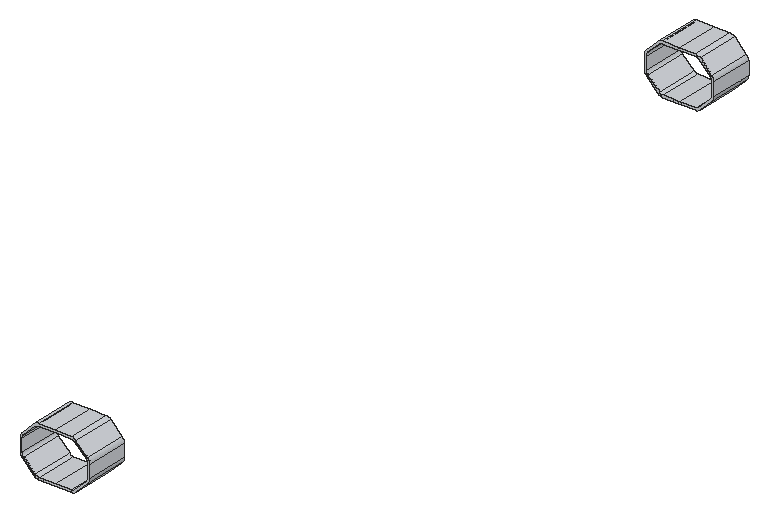
Revit family "L-trade II easy lock", category Обобщенные модели, Revit 2017
Family settings
  Может служить основой для арматурных стержней = Нет
  Размер круглого соединителя = Использовать диаметр
  Тип детали = Нормальный
  На основе рабочей плоскости = Нет
  Всегда вертикально = Да
  При загрузке вырезать с полостями = Нет
  Общий = Нет
  Точка расчета площади = Нет
Parameters
  Изготовитель = "LEDEL"
  Длина светильника = 500 mm
  Длина замка [instance] = Длина светильника + 58 mm  # 558 mm
  Артикул = ""
Reference planes
  plane 1 "По центру (Вперед/Назад)": y = 0
  plane 2: z = 0
  plane 3 "По центру (Влево/Вправо)": x = 0
Forms (mm)
  Extrusion 1, solid
    sketch origin (0, 0, 0) x (1, 0, 0) y (0, 0, 1)
      loop
        line (-0.013, 25) -> (-11.117, 25)
        arc (-11.117, 25) -> (-12.838, 24.658) -> (-14.296, 23.683) r 4.495
        line (-14.296, 23.683) -> (-22.149, 15.831)
        arc (-22.149, 15.831) -> (-23.233, 14.208) -> (-23.613, 12.295) r 5
        line (-23.613, 12.295) -> (-23.613, 3.705)
        arc (-23.613, 3.705) -> (-23.233, 1.792) -> (-22.149, 0.169) r 5
        line (-22.149, 0.169) -> (-14.444, -7.536)
        arc (-14.444, -7.536) -> (-12.822, -8.619) -> (-10.908, -9) r 5
        line (-10.908, -9) -> (-0.013, -9) -> (10.882, -9)
        arc (10.882, -9) -> (12.795, -8.619) -> (14.417, -7.536) r 5
        line (14.417, -7.536) -> (22.122, 0.169)
        arc (22.122, 0.169) -> (23.206, 1.792) -> (23.587, 3.705) r 5
        line (23.587, 3.705) -> (23.587, 12.295)
        arc (23.587, 12.295) -> (23.206, 14.208) -> (22.122, 15.831) r 5
        line (22.122, 15.831) -> (14.269, 23.683)
        arc (14.269, 23.683) -> (12.811, 24.658) -> (11.091, 25) r 4.495
        line (11.091, 25) -> (-0.013, 25)
      loop
        line (-0.013, -7.7) -> (10.882, -7.7)
        arc (10.882, -7.7) -> (12.298, -7.418) -> (13.498, -6.616) r 3.7
        line (13.498, -6.616) -> (21.203, 1.089)
        arc (21.203, 1.089) -> (22.005, 2.289) -> (22.287, 3.705) r 3.7
        line (22.287, 3.705) -> (22.287, 12.295)
        arc (22.287, 12.295) -> (22.005, 13.711) -> (21.203, 14.911) r 3.7
        line (21.203, 14.911) -> (13.35, 22.764)
        arc (13.35, 22.764) -> (12.314, 23.457) -> (11.091, 23.7) r 3.195
        line (11.091, 23.7) -> (-0.013, 23.7) -> (-11.117, 23.7)
        arc (-11.117, 23.7) -> (-12.34, 23.457) -> (-13.377, 22.764) r 3.195
        line (-13.377, 22.764) -> (-21.23, 14.911)
        arc (-21.23, 14.911) -> (-22.032, 13.711) -> (-22.313, 12.295) r 3.7
        line (-22.313, 12.295) -> (-22.313, 3.705)
        arc (-22.313, 3.705) -> (-22.032, 2.289) -> (-21.23, 1.089) r 3.7
        line (-21.23, 1.089) -> (-13.524, -6.616)
        arc (-13.524, -6.616) -> (-12.324, -7.418) -> (-10.908, -7.7) r 3.7
        line (-10.908, -7.7) -> (-0.013, -7.7)
    from 0 to 558
  Extrusion 2, void
    sketch origin (0, 0, 0) x (1, 0, 0) y (0, 0, 1)
      loop
        line (-0.013, 29) -> (-11.117, 29)
        arc (-11.117, 29) -> (-14.368, 28.353) -> (-17.124, 26.512) r 8.495
        line (-17.124, 26.512) -> (-24.977, 18.659)
        arc (-24.977, 18.659) -> (-26.928, 15.739) -> (-27.613, 12.295) r 9
        line (-27.613, 12.295) -> (-27.613, 3.705)
        arc (-27.613, 3.705) -> (-26.928, 0.261) -> (-24.977, -2.659) r 9
        line (-24.977, -2.659) -> (-17.272, -10.364)
        arc (-17.272, -10.364) -> (-14.352, -12.315) -> (-10.908, -13) r 9
        line (-10.908, -13) -> (-0.013, -13) -> (10.908, -13)
        arc (10.908, -13) -> (14.352, -12.315) -> (17.272, -10.364) r 9
        line (17.272, -10.364) -> (24.977, -2.659)
        arc (24.977, -2.659) -> (26.928, 0.261) -> (27.613, 3.705) r 9
        line (27.613, 3.705) -> (27.613, 12.295)
        arc (27.613, 12.295) -> (26.928, 15.739) -> (24.977, 18.659) r 9
        line (24.977, 18.659) -> (17.124, 26.512)
        arc (17.124, 26.512) -> (14.368, 28.353) -> (11.117, 29) r 8.495
        line (11.117, 29) -> (-0.013, 29)
    from 29 to 529
Cuts and joins
  Extrusion 2 cuts Extrusion 1
Dimensions and locks
  "Длина замка": Extrusion 1 to Extrusion 1
  "Длина светильника": cut or joined group of Extrusion 1, Extrusion 2 to cut or joined group of Extrusion 1, Extrusion 2
  aligned and locked: level to plane 2
Automatic sketch dimensions
  Extrusion 1 sketch curve to Extrusion 1 sketch curve = 0 mm  (x17)
  level to Extrusion 1 sketch curve = 3.705 mm
  Extrusion 1 sketch curve to plane 3 "По центру (Влево/Вправо)" = 23.613 mm
  Extrusion 1 sketch curve to Extrusion 1 sketch curve = 1.3 mm  (x2)
  level to Extrusion 1 sketch curve = 0.169 mm  (x2)
  Extrusion 1 sketch curve to Extrusion 1 sketch curve = 0.164 mm  (x2)
  level to Extrusion 1 sketch curve = 15.831 mm  (x2)
  level to Extrusion 1 sketch curve = 14.911 mm
  level to Extrusion 1 sketch curve = 1.089 mm  (x2)
  Extrusion 1 sketch curve to Extrusion 1 sketch curve = 3.7 mm
  Extrusion 1 sketch curve to Extrusion 1 sketch curve = 7.705 mm
  Extrusion 1 sketch curve to Extrusion 1 sketch curve = 7.853 mm
  Extrusion 1 sketch curve to level = 6.616 mm  (x2)
  Extrusion 1 sketch curve to Extrusion 1 sketch curve = 0.919 mm  (x7)
  Extrusion 1 sketch curve to Extrusion 1 sketch curve = 2.259 mm  (x3)
  Extrusion 1 sketch curve to Extrusion 1 sketch curve = 2.616 mm  (x4)
  Extrusion 1 sketch curve to plane 3 "По центру (Влево/Вправо)" = 0.013 mm  (x4)
  Extrusion 1 sketch curve to level = 4 mm
  plane 3 "По центру (Влево/Вправо)" to Extrusion 1 sketch curve = 10.882 mm
  plane 3 "По центру (Влево/Вправо)" to Extrusion 1 sketch curve = 11.091 mm
  Extrusion 1 sketch curve to Extrusion 1 sketch curve = 7.496 mm
  Extrusion 1 sketch curve to Extrusion 1 sketch curve = 1.084 mm
  Extrusion 1 sketch curve to Extrusion 1 sketch curve = 8.21 mm  (x2)
  level to Extrusion 2 sketch curve = 3.705 mm  (x2)
  Extrusion 2 sketch curve to plane 3 "По центру (Влево/Вправо)" = 27.613 mm
  Extrusion 2 sketch curve to level = 2.659 mm  (x2)
  Extrusion 2 sketch curve to Extrusion 2 sketch curve = 2.636 mm  (x2)
  level to Extrusion 2 sketch curve = 18.659 mm
  Extrusion 2 sketch curve to Extrusion 2 sketch curve = 0 mm  (x2)
  Extrusion 2 sketch curve to level = 10.364 mm  (x2)
  Extrusion 2 sketch curve to Extrusion 2 sketch curve = 7.705 mm
  Extrusion 2 sketch curve to Extrusion 2 sketch curve = 7.853 mm
  Extrusion 2 sketch curve to Extrusion 2 sketch curve = 6.007 mm  (x3)
  Extrusion 2 sketch curve to Extrusion 2 sketch curve = 6.364 mm  (x4)
  Extrusion 2 sketch curve to plane 3 "По центру (Влево/Вправо)" = 0.013 mm  (x2)
  Extrusion 2 sketch curve to level = 4 mm
  plane 3 "По центру (Влево/Вправо)" to Extrusion 2 sketch curve = 10.908 mm
  plane 3 "По центру (Влево/Вправо)" to Extrusion 2 sketch curve = 11.117 mm
  Extrusion 2 sketch curve to Extrusion 2 sketch curve = 7.496 mm
  Extrusion 2 sketch curve to Extrusion 2 sketch curve = 8.59 mm
  Extrusion 2 sketch curve to Extrusion 2 sketch curve = 8.21 mm  (x2)
